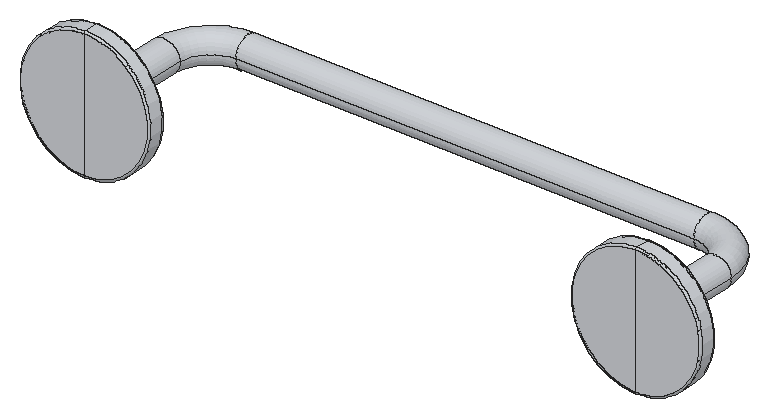
Revit family "SA-4604", category Plumbing Fixtures, host Wall, Revit 2023
Family settings
  Host = Wall
  Round Connector Dimension = Use Diameter
  Part Type = Normal
  OmniClass Number = 23.45.00.00
  OmniClass Title = Sanitary, Laundry, and Cleaning Equipment
  Enable Cutting in Views = No
  Always vertical = Yes
  Cut with Voids When Loaded = No
  Maintain Annotation Orientation = No
  Shared = No
  Room Calculation Point = No
Parameters
  Material = Steel
  Default Elevation = 0' - 0"
Reference planes (in)
  plane 1: y = 0
  plane 2 "Back": y = 3
  plane 3: x = -13.66461
  plane 4: z = 0.28125
  plane 5: z = -0.28125
  plane 6: y = 5.9375
  plane 7: x = 12.0382
  plane 8: x = -0.3368
Text (in)
  text "Placement Side" at (0, 40.15149, 123.01588), in view "Left"
  text "Placement Side" at (-70.3804, 45.82615, 0), in view "Ref. Level"
  text "⌀" at (4.86384, 0, -1.03684), in view "Front"
Dimensions and locks (in)
  locked: plane 2 "Back" to host wall
  plane 5 to plane 4 = 0' - 0 9/16"
  plane 6 to plane 2 "Back" = 0' - 2 15/16"
  nested 1 to nested 1 = 0' - 10"
  plane 8 to plane 7 = 1' - 0 3/8"
  diameter of nested 1 = 0' - 2 3/8"
Nested families (in)
  nested 1: "bb" at (5.8507, 3, 0) x (-1, 0, 0) z (0, 1, 0), type "bb"
Definition of nested family "bb"
  Parameters (values of type "bb")
    Material = none
    Default Elevation = 4' - 0"
  Reference planes (in)
    plane 1 "Center (Front/Back)": y = 0
    plane 2: z = 0
    plane 3 "Center (Left/Right)": x = 0
  Forms (in)
    Extrusion 1, solid
      sketch origin (0, 0, 0) x (1, 0, 0) y (0, 1, 0)
        loop
          line (-48, 48) -> (-48, -48) -> (48, -48) -> (48, 48) -> (-48, 48)
      from 0 to -12
    Revolve 2, solid, material <- "Material"
      sketch origin (-5, -3.58733, 6) x (0, -1, 0) y (0, 0, 1)
        loop
          line (-3.58733, -6) -> (-2.43108, -6)
          arc (-2.43108, -6) -> (-2.40899, -5.99085) -> (-2.39983, -5.96875) r 0.03125
          line (-2.39983, -5.96875) -> (-2.39983, -5.71321)
          arc (-2.39983, -5.71321) -> (-2.4177, -5.68716) -> (-2.44766, -5.67712) r 0.04973
          arc (-2.44766, -5.67712) -> (-2.61164, -5.62587) -> (-2.71723, -5.49034) r 0.28793
          line (-2.71723, -5.49034) -> (-2.80632, -5.40126) -> (-3.58733, -5.40126) -> (-3.58733, -6)
        axis (-3.58733, -5.40126) -> (-3.58733, -6)
      angle from 0 to 360
    Sweep 3, solid, material <- "Material"
      path origin (6.32781, 0, 6) x (1, 0, 0) y (0, 0, 1)
        loop
          line (-11.32781, -5.40126) -> (-11.32781, -4.18961)
          arc (-11.32781, -4.18961) -> (-11.08006, -3.5915) -> (-10.48195, -3.34375) r 0.84586
          line (-10.48195, -3.34375) -> (-2.17367, -3.34375)
          arc (-2.17367, -3.34375) -> (-1.57556, -3.5915) -> (-1.32781, -4.18961) r 0.84586
          line (-1.32781, -4.18961) -> (-1.32781, -5.40126)
      profile origin (-5, 0, 1.20457) x (-1, 0, 0) y (0, -1, 0)
        loop
          circle (0, 0) r 0.28125
    Revolve 4, solid, material <- "Material"
      sketch origin (5, -3.58733, 6) x (0, -1, 0) y (0, 0, -1)
        loop
          line (-3.58733, 6) -> (-3.58733, 5.40126) -> (-2.80632, 5.40126) -> (-2.71723, 5.49034)
          arc (-2.71723, 5.49034) -> (-2.61164, 5.62587) -> (-2.44766, 5.67712) r 0.28793
          arc (-2.44766, 5.67712) -> (-2.4177, 5.68716) -> (-2.39983, 5.71321) r 0.04973
          line (-2.39983, 5.71321) -> (-2.39983, 5.96875)
          arc (-2.39983, 5.96875) -> (-2.40899, 5.99085) -> (-2.43108, 6) r 0.03125
          line (-2.43108, 6) -> (-3.58733, 6)
        axis (-3.58733, 5.40126) -> (-3.58733, 6)
      angle from 0 to 360
  Dimensions and locks (in)
    aligned and locked: plane 2 to Extrusion 1
    aligned and locked: level to Extrusion 1
